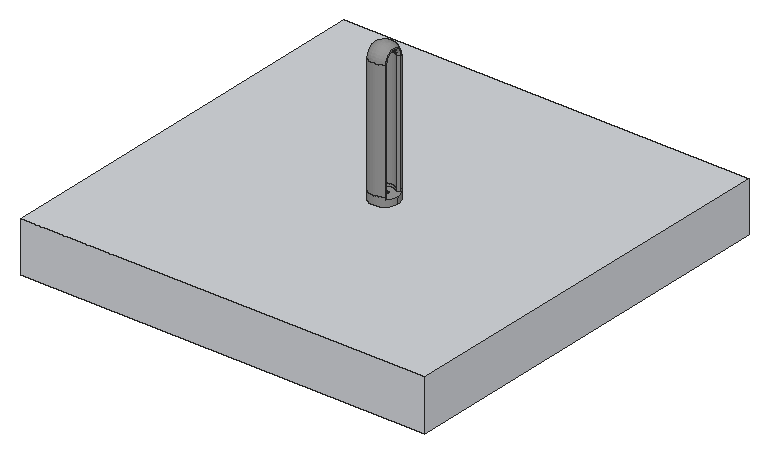
Revit family "LAMP_B-SIDE 850", category Luminarias, Revit 2015
Parameters (values of type "93LM 4000 BLACK")
  Ángulo de inclinación = 90.00°
  Weight = 4.20 kg
  Wattage = 4.5 W
  Type = "HI POWER CREE"
  built-in parameter 1150107 = 4000 (stored number, unit not read)
  built-in parameter 1150110 = 1 (stored number, unit not read)
  built-in parameter 1150109 = 1 (stored number, unit not read)
  built-in parameter 1150112 = 1 (stored number, unit not read)
  built-in parameter 1150113 = 1 (stored number, unit not read)
  built-in parameter 1114218 = 1 (stored number, unit not read)
  Protection rating = "IP65 / IK10"
  Product datasheet = "http://www.lamp.es/product-files/TECH/BS1DB8503840NA-EN.pdf"
  Product code = "BS1DB8503840NA"
  Product URL = "https://www.lamp.es/en/family/b-side_33457"
  Power Supply = "110-240V 50-60Hz"
  Power = 3 W
  Plum = 4.5 W
  built-in parameter 1150137 = (empty or 0)
  built-in parameter 1150132 = 2
  Modelo = Product code  # "BS1DB8503840NA"
  Material = LAMP_Aluminio B-Side antracita
  Manufacturer name = "LAMP"
  Manufacturer country = "Spain"
  Manufacturer URL = "http://www.lamp.es/en"
  MacAdam = ""
  Lámpara = "HIGH POWER LED\r\nHIGH POWER LED\r\nHIGH POWER LED\r\nHIGH POWER LED"
  Luminaire type = "Outdoor - Beacon"
  Last update = "21/12/2020"
  LED Lifetime = "50.000 L70 B10"
  built-in parameter 1150105 = 20.541 (stored number, unit not read)
  built-in parameter 1150102 = (empty or 0)
  Insulation class = "I"
  Installation instructions = "https://www.lamp.es/product-files/INS/1002060-A-INSTR.%20B-SIDE%20LED.pdf"
  built-in parameter 1150106 = 0.20541 (stored number, unit not read)
  IEE = "A++"
  Height = 850 mm
  Gear = "Electronic"
  Lumens = 92.97 lm
  Finish = "Textured anthracite grey"
  Color Filter = 16777215
  built-in parameter 1114217 = 1 (stored number, unit not read)
  built-in parameter 1150139 = (empty or 0)
  Fabricante = Manufacturer name  # "LAMP"
  Default Elevation = 1219.2 mm
  built-in parameter 1150104 = 1.9194 (stored number, unit not read)
  Efficacy = 20.66 lm/W
  Diameter = 160 mm
  Descripción = "B-SIDE LED 850 250 NW ANT."
  built-in parameter 1150115 = 1 (stored number, unit not read)
  built-in parameter 1150114 = 1 (stored number, unit not read)
  built-in parameter 1150138 = (empty or 0)
  built-in parameter 1150134 = 3
  Dimming Lamp Color Temperature Shift = (empty or 0)
  CRI = "80"
  Archivo de red fotométrica = "5841064.IES"
  built-in parameter 1150133 = 10 (stored number, unit not read)
Types (4, lengths in mm): name | Weight | Wattage | Product datasheet | Product code | Power | Plum | Modelo | Material | MacAdam | LED Lifetime | built-in parameter 1150105 | built-in parameter 1150106 | Lumens | Finish | built-in parameter 1150104 | Efficacy | Descripción | Archivo de red fotométrica
  93LM 4000 BLACK | 4.20 kg | 4.5 W | "http://www.lamp.es/product-files/TECH/BS1DB8503840NA-EN.pdf" | "BS1DB8503840NA" | 3 W | 4.5 W | "BS1DB8503840NA" | LAMP_Aluminio B-Side antracita | "" | "50.000 L70 B10" | 20.541 (stored number, unit not read) | 0.20541 (stored number, unit not read) | 92.97 lm | "Textured anthracite grey" | 1.9194 (stored number, unit not read) | 20.66 lm/W | "B-SIDE LED 850 250 NW ANT." | "5841064.IES"
  93LM 4000 GREY | 4.20 kg | 4.5 W | "http://www.lamp.es/product-files/TECH/BS1DB8503840NG-EN.pdf" | "BS1DB8503840NG" | 2.4 W | 4.5 W | "BS1DB8503840NG" | LAMP_Aluminio B-Side gris | "" | "50.000 L70 B10" | 7.3983 (stored number, unit not read) | 0.073983 (stored number, unit not read) | 92.97 lm | "Texturised grey" | 1.9194 (stored number, unit not read) | 20.66 lm/W | "B-SIDE LED 850 250 NW GR." | "5841063.IES"
  171LM 4000 BLACK | 4.45 kg | 6.4 W | "http://www.lamp.es/product-files/TECH/BS1DB8505840NA-EN.pdf" | "BS1DB8505840NA" | 4.8 W | 6.4 W | "BS1DB8505840NA" | LAMP_Aluminio B-Side antracita | "4" | "50.000 L90" | 37.784 (stored number, unit not read) | 0.37784 (stored number, unit not read) | 171.008 lm | "Textured anthracite grey" | 2.4824 (stored number, unit not read) | 26.72 lm/W | "B-SIDE LED 850 500 NW ANT." | "5841074_90.IES"
  171LM 4000 GREY | 4.45 kg | 6.4 W | "http://www.lamp.es/product-files/TECH/BS1DB8505840NG-EN.pdf" | "BS1DB8505840NG" | 4.8 W | 6.4 W | "BS1DB8505840NG" | LAMP_Aluminio B-Side gris | "4" | "50.000 L90" | 173.32 (stored number, unit not read) | 1.7332 (stored number, unit not read) | 171.008 lm | "Texturised grey" | 2.4824 (stored number, unit not read) | 26.72 lm/W | "B-SIDE LED 850 500 NW GR." | "5841073_90.IES"
Reference planes
  plane 1 "Centro (Frontal/Posterior)": y = 0
  plane 2: z = 0
  plane 3 "Centro (Izquierda/Derecha)": x = 0
Forms (mm)
  Extrusion 1, solid
    sketch origin (0, 0, 0) x (1, 0, 0) y (0, 1, 0)
      loop
        line (-1219.2, 1219.2) -> (-1219.2, -1219.2) -> (1219.2, -1219.2) -> (1219.2, 1219.2) -> (-1219.2, 1219.2)
    from 0 to -304.8
  Extrusion 2, solid, material "LAMP_Aluminio B-Side antracita" <- "Material"
    sketch origin (0, 0, 0) x (1, 0, 0) y (0, 1, 0)
      loop
        circle (0, 0) r 81.4
    from 0 to 53
  Extrusion 3, solid, material "LAMP_Aluminio B-Side antracita" <- "Material"
    sketch origin (0, 0, 0) x (1, 0, 0) y (0, 1, 0)
      loop
        arc (-56.09, 58.99) -> (-56.712, 57.566) -> (-56.126, 56.126) r 2
        line (-56.126, 56.126) -> (-42.686, 42.686)
        arc (-42.686, 42.686) -> (-41.305, 42.1) -> (-39.905, 42.64) r 2
        arc (-39.905, 42.64) -> (0, 58.4) -> (39.905, 42.64) r 58.4
        arc (39.905, 42.64) -> (41.305, 42.1) -> (42.686, 42.686) r 2
        line (42.686, 42.686) -> (56.126, 56.126)
        arc (56.126, 56.126) -> (56.712, 57.566) -> (56.09, 58.99) r 2
        arc (56.09, 58.99) -> (0, 81.4) -> (-56.09, 58.99) r 81.4
      loop
        arc (-56.09, -58.99) -> (0, -81.4) -> (56.09, -58.99) r 81.4
        arc (56.09, -58.99) -> (56.712, -57.566) -> (56.126, -56.126) r 2
        line (56.126, -56.126) -> (42.686, -42.686)
        arc (42.686, -42.686) -> (41.305, -42.1) -> (39.905, -42.64) r 2
        arc (39.905, -42.64) -> (0, -58.4) -> (-39.905, -42.64) r 58.4
        arc (-39.905, -42.64) -> (-41.305, -42.1) -> (-42.686, -42.686) r 2
        line (-42.686, -42.686) -> (-56.126, -56.126)
        arc (-56.126, -56.126) -> (-56.712, -57.566) -> (-56.09, -58.99) r 2
    from 53 to 769
  Extrusion 4, void
    sketch origin (0, 0, 0) x (1, 0, 0) y (0, 1, 0)
      loop
        arc (-56.09, -58.99) -> (-56.712, -57.566) -> (-56.126, -56.126) r 2
        line (-56.126, -56.126) -> (-42.686, -42.686)
        arc (-42.686, -42.686) -> (-41.305, -42.1) -> (-39.905, -42.64) r 2
        arc (-39.905, -42.64) -> (0, -58.4) -> (39.905, -42.64) r 58.4
        arc (39.905, -42.64) -> (41.305, -42.1) -> (42.686, -42.686) r 2
        line (42.686, -42.686) -> (56.126, -56.126)
        arc (56.126, -56.126) -> (56.712, -57.566) -> (56.09, -58.99) r 2
        arc (56.09, -58.99) -> (81.4, 0) -> (56.09, 58.99) r 81.4
        arc (56.09, 58.99) -> (56.712, 57.566) -> (56.126, 56.126) r 2
        line (56.126, 56.126) -> (42.686, 42.686)
        arc (42.686, 42.686) -> (41.305, 42.1) -> (39.905, 42.64) r 2
        arc (39.905, 42.64) -> (0, 58.4) -> (-39.905, 42.64) r 58.4
        arc (-39.905, 42.64) -> (-41.305, 42.1) -> (-42.686, 42.686) r 2
        line (-42.686, 42.686) -> (-56.126, 56.126)
        arc (-56.126, 56.126) -> (-56.712, 57.566) -> (-56.09, 58.99) r 2
        arc (-56.09, 58.99) -> (-81.4, 0) -> (-56.09, -58.99) r 81.4
    from 38 to 53
  Sweep 5, solid, material "LAMP_Aluminio B-Side antracita" <- "Material"
    path origin (0, 0, 16) x (0, 1, 0) y (0, 0, 1)
      loop
        arc (-58.4, 753) -> (0, 811.4) -> (58.4, 753) r 58.4
    profile origin (0, 0, 827.4) x (0, 0, 1) y (1, 0, 0)
      loop
        arc (0.59, -56.09) -> (23, 0) -> (0.59, 56.09) r 81.4
        arc (0.59, 56.09) -> (-0.834, 56.712) -> (-2.274, 56.126) r 2
        line (-2.274, 56.126) -> (-15.714, 42.686)
        arc (-15.714, 42.686) -> (-16.3, 41.305) -> (-15.76, 39.905) r 2
        arc (-15.76, 39.905) -> (0, 0) -> (-15.76, -39.905) r 58.4
        arc (-15.76, -39.905) -> (-16.3, -41.305) -> (-15.714, -42.686) r 2
        line (-15.714, -42.686) -> (-2.274, -56.126)
        arc (-2.274, -56.126) -> (-0.834, -56.712) -> (0.59, -56.09) r 2
  Extrusion 6, solid, material "LAMP_Aluminio B-Side antracita" <- "Material"
    sketch origin (0, 0, 0) x (1, 0, 0) y (0, 1, 0)
      loop
        arc (-19.941, -7.347) -> (-19.723, -7.874) -> (-19.196, -8.093) r 0.745
        line (-19.196, -8.093) -> (-14.656, -8.093)
        arc (-14.656, -8.093) -> (-14.206, -7.948) -> (-13.924, -7.57) r 0.775
        line (-13.924, -7.57) -> (-9.383, 5.625) -> (-4.868, -7.498)
        arc (-4.868, -7.498) -> (-4.603, -7.853) -> (-4.18, -7.988) r 0.727
        line (-4.18, -7.988) -> (-0.911, -7.988)
        arc (-0.911, -7.988) -> (-0.395, -7.775) -> (-0.182, -7.26) r 0.729
        line (-0.182, -7.26) -> (-0.182, 5.708) -> (3.923, 1.603) -> (8.029, 5.708) -> (8.029, -7.385)
        arc (8.029, -7.385) -> (8.236, -7.885) -> (8.736, -8.093) r 0.708
        line (8.736, -8.093) -> (13.813, -8.093)
        arc (13.813, -8.093) -> (14.355, -7.868) -> (14.579, -7.327) r 0.766
        line (14.579, -7.327) -> (14.579, 5.073)
        arc (14.579, 5.073) -> (14.796, 5.597) -> (15.319, 5.813) r 0.74
        line (15.319, 5.813) -> (18.763, 5.813)
        arc (18.763, 5.813) -> (19.302, 5.59) -> (19.525, 5.051) r 0.762
        line (19.525, 5.051) -> (19.525, 2.449)
        arc (19.525, 2.449) -> (19.304, 1.913) -> (18.768, 1.691) r 0.758
        line (18.768, 1.691) -> (15.597, 1.691)
        arc (15.597, 1.691) -> (14.772, 0.867) -> (15.597, 0.043) r 0.824
        line (15.597, 0.043) -> (20.435, 0.043)
        arc (20.435, 0.043) -> (20.958, 0.259) -> (21.174, 0.782) r 0.739
        line (21.174, 0.782) -> (21.174, 6.687)
        arc (21.174, 6.687) -> (20.947, 7.235) -> (20.399, 7.462) r 0.776
        line (20.399, 7.462) -> (13.696, 7.462)
        arc (13.696, 7.462) -> (13.155, 7.238) -> (12.93, 6.696) r 0.766
        line (12.93, 6.696) -> (12.93, -5.699)
        arc (12.93, -5.699) -> (12.706, -6.241) -> (12.164, -6.465) r 0.766
        line (12.164, -6.465) -> (10.468, -6.465)
        arc (10.468, -6.465) -> (9.929, -6.242) -> (9.706, -5.703) r 0.762
        line (9.706, -5.703) -> (9.706, 5.944)
        arc (9.706, 5.944) -> (8.51, 7.607) -> (6.554, 7.001) r 1.753
        line (6.554, 7.001) -> (3.923, 4.37) -> (1.293, 7.001)
        arc (1.293, 7.001) -> (-0.664, 7.607) -> (-1.86, 5.944) r 1.753
        line (-1.86, 5.944) -> (-1.86, -5.517)
        arc (-1.86, -5.517) -> (-2.65, -6.45) -> (-3.7, -5.824) r 0.946
        line (-3.7, -5.824) -> (-7.907, 6.409)
        arc (-7.907, 6.409) -> (-9.383, 7.462) -> (-10.86, 6.409) r 1.561
        line (-10.86, 6.409) -> (-15.109, -5.946)
        arc (-15.109, -5.946) -> (-15.389, -6.322) -> (-15.836, -6.465) r 0.768
        line (-15.836, -6.465) -> (-17.56, -6.465)
        arc (-17.56, -6.465) -> (-18.078, -6.25) -> (-18.293, -5.732) r 0.733
        line (-18.293, -5.732) -> (-18.293, 6.725)
        arc (-18.293, 6.725) -> (-19.117, 7.55) -> (-19.941, 6.725) r 0.824
        line (-19.941, 6.725) -> (-19.941, -7.347)
    from 38 to 39
Cuts and joins
  Extrusion 4 cuts Extrusion 2
  Extrusion 4 cuts Extrusion 3
  joined: Extrusion 2, Extrusion 3, Sweep 5
Text (mm)
  text "Any modification of the parameters and properties of the LAMP BIM models must be executed and validated by the LAMP technical department.\n\nPhone: +34 93 736 68 00\n\nE-mail: lamp@lamp.es\n\n\n\nLAMP reserves the right to modify the technical specifications of its products." at (19217.148, -14743.252, -9581.712), in view "Preview"
Dimensions and locks
  aligned and locked: plane 2 to Extrusion 1
  aligned and locked: level to Extrusion 1
Connectors
  electrical at (0, 0, 0)
    settings: on cut or joined group of Extrusion 2, Extrusion 3, Extrusion 4, Sweep 5, index 1, voltage 230 V, apparent load 0 VA, apparent load phase1 0 VA, apparent load phase2 0 VA, apparent load phase3 0 VA, power factor 1, load classification "Otro", number of poles 1, system type 31, power factor state 1, is connector primary yes, connector utility no, sub classification motor no, connector description ""
